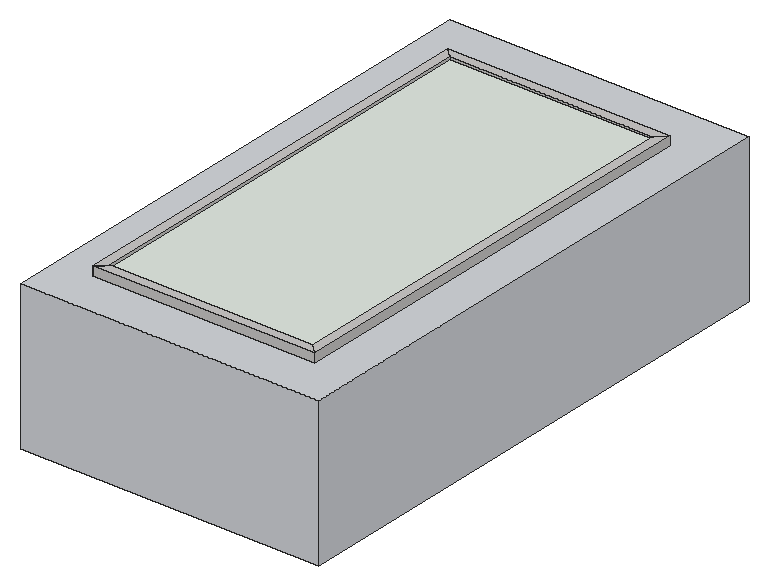
Revit family
Parameters
  Width [instance] = 18"
  Warranty Information = "Complete unit, excepting mirrors warranted for one year.\r\n Stainless steel mirror frames for fifteen years.\r\n Plate glass mirrors for fifteen years.\r\n This warranty does not cover installation or any other labor charges and does not apply to any units,\r\n which have been damaged by accident, abuse, improper installation, improper maintenance, or altered in any way."
  Version = "1.0"
  URL = "http://www.bradleycorp.com/"
  Type Comments = "ERROR - If you are able to see this message you haven't loaded this  family correctly."
  Total Width [instance] = if(and(not(Width > 120"), not(Width < 12")), Width, 24")  # 18"
  Total Height [instance] = if(and(not(Height > 72"), not(Height < 12")), Height, 36")  # 36"
  Reflective Material = Glass - Bradley Corp - BradEX - Polished Float Mirror
  OmniClass Title = "Mirrors"
  OmniClass Code = "23.40.95.17.17"
  Modeling Code = ""
  Model = "ERROR - If you are able to see this message you haven't loaded this  family correctly."
  MasterFormat Title = "Commercial Toilet Accessories"
  MasterFormat Number = "10 28 13. 13"
  Manufacturer = "Bradley Corporation"
  Industry Standards = "ASTM C 1036"
  Height [instance] = 36"
  Fire Rating = "n/a"
  Dimensional Limits [instance] = "Either Width or Hight must be over 25\""
  Description = "ERROR - If you are able to see this message you haven't loaded this  family correctly."
  Depth [instance] = 3/4"
  Default Elevation = 40"
  Copyright = "This Model Data is Property of Bradley Corporation"
  Frame Material = Steel - Bradley Corp - Bright Annealed Finish Mirror
  Buy American Act = "Yes"
  Assembly Code = "C1030900"
  ADA Compliant = "Yes"
Reference planes (in)
  plane 1 "Center (Front/Back)": y = 0
  plane 2: z = 0
  plane 3 "Center (Left/Right)": x = 0
  plane 4 "Top": y = 18
  plane 5 "Right": x = 9
  plane 6 "Bottom": y = -18
  plane 7 "Left": x = -9
  plane 8 "Front": z = 0.75
  plane 9 "Center (Elevation)": y = -17.25
Forms (in)
  Extrusion 1, solid
    sketch origin (0, 0, 0) x (1, 0, 0) y (0, 1, 0)
      loop
        line (-12, 22) -> (-12, -21.59035) -> (12.183, -21.59035) -> (12.183, 22) -> (-12, 22)
    from 0 to -12
  Extrusion 2, solid, material "Glass - Bradley Corp - BradEX - Polished Float Mirror" <- "Reflective Material"
    sketch origin (0, 0, 0.75) x (-1, 0, 0) y (0, -1, 0)
      loop
        line (8.25, -17.25) -> (8.25, 17.25) -> (-8.25, 17.25) -> (-8.25, -17.25) -> (8.25, -17.25)
    from -0.375 to -0.18198
  Extrusion 3, solid, material "Steel - Bradley Corp - Bright Annealed Finish Mirror" <- "Frame Material"
    sketch origin (0, 0, 0.75) x (-1, 0, 0) y (0, -1, 0)
      loop
        line (9, -18) -> (9, 18) -> (8.25, 17.25) -> (8.25, -17.25) -> (9, -18)
      loop
        line (-8.25, -17.25) -> (-8.25, 17.25) -> (-9, 18) -> (-9, -18) -> (-8.25, -17.25)
    from -0.75 to 0
  Extrusion 4, solid, material "Steel - Bradley Corp - Bright Annealed Finish Mirror" <- "Frame Material"
    sketch origin (0, 0, 0.75) x (-1, 0, 0) y (0, -1, 0)
      loop
        line (9, -18) -> (8.25, -17.25) -> (-8.25, -17.25) -> (-9, -18) -> (9, -18)
      loop
        line (9, 18) -> (-9, 18) -> (-8.25, 17.25) -> (8.25, 17.25) -> (9, 18)
    from -0.75 to 0
Dimensions and locks (in)
  "Total Height": plane 6 "Bottom" to plane 4 "Top"
  equal spacing: plane 6 "Bottom", plane 1 "Center (Front/Back)", plane 4 "Top"
  "Total Width": plane 7 "Left" to plane 5 "Right"
  equal spacing: plane 7 "Left", plane 3 "Center (Left/Right)", plane 5 "Right"
  "Depth": plane 8 "Front" to plane 2
  plane 8 "Front" to plane 2 = 3/4"
  "Depth": plane 7 "Left" to Extrusion 2 sketch curve
  "Depth": Extrusion 2 sketch curve to plane 5 "Right"
  "Depth": Extrusion 2 sketch curve to plane 4 "Top"
  "Depth": Extrusion 2 sketch curve to plane 6 "Bottom"
  "Depth": plane 6 "Bottom" to plane 9 "Center (Elevation)"
  locked: plane 8 "Front" to Extrusion 2 at 0.18198
  aligned and locked: plane 2 to Extrusion 1
  aligned and locked: level to Extrusion 1
  aligned and locked: plane 7 "Left" to Extrusion 3 sketch curve
  aligned and locked: plane 4 "Top" to Extrusion 3 sketch curve  (x2)
  aligned and locked: Extrusion 3 sketch curve to plane 5 "Right"
  aligned and locked: plane 6 "Bottom" to Extrusion 3 sketch curve  (x2)
  aligned and locked: Extrusion 3 sketch curve to Extrusion 2  (x2)
  aligned and locked: Extrusion 4 sketch curve to plane 4 "Top"
  aligned and locked: Extrusion 4 sketch curve to Extrusion 2
  aligned and locked: plane 7 "Left" to Extrusion 4 sketch curve  (x2)
  aligned and locked: plane 5 "Right" to Extrusion 4 sketch curve  (x2)
  aligned and locked: plane 9 "Center (Elevation)" to Extrusion 4 sketch curve
  aligned and locked: Extrusion 4 sketch curve to plane 6 "Bottom"
  aligned and locked: Extrusion 4 to plane 2
  aligned and locked: plane 8 "Front" to Extrusion 4
  aligned and locked: Extrusion 3 to plane 2
  aligned and locked: plane 8 "Front" to Extrusion 3
Automatic sketch dimensions
  Extrusion 1 sketch curve to Extrusion 1 sketch curve = 24.183"
  Extrusion 1 sketch curve to Extrusion 1 sketch curve = 43.59035"
  Extrusion 3 sketch curve to plane 9 "Center (Elevation)" = 0"  (x2)
  Extrusion 3 sketch curve to plane 4 "Top" = 3/4"  (x2)
  Extrusion 4 sketch curve to plane 5 "Right" = 3/4"  (x2)
  Extrusion 4 sketch curve to plane 7 "Left" = 3/4"  (x2)
